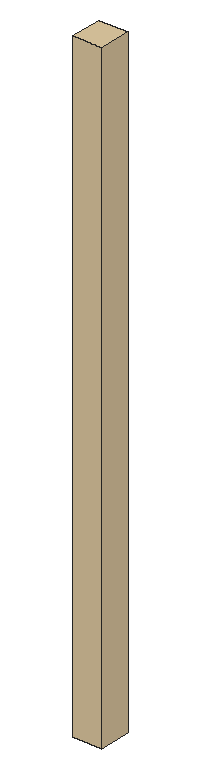
Revit family
Parameters (values of type "5x5.5")
  Column Material [instance] = Wood - Dimensional Lumber
  A = 27.36 in²
  Assembly Code = "B10"
  Ix = 69.32
  Iy = 57.29
  Laminations = "4"
  Sx = 25.21
  Sy = 22.92
  b = 0' - 5"
  d = 0' - 5 1/2"
Types (2): name | A | Ix | Iy | Sx | Sy | b
  5x5.5 | 27.36 in² | 69.32 | 57.29 | 25.21 | 22.92 | 0' - 5"
  3x5.5 | 15.84 in² | 41.59 | 12.38 | 15.13 | 8.25 | 0' - 3"
Reference planes (in)
  plane 1 "Center (Front/Back)": y = 0
  plane 2: z = 0
  plane 3 "Center (Left/Right)": x = 0
  plane 4: x = -2.5
  plane 5: x = 2.5
  plane 6: y = 2.75
  plane 7: y = -2.75
Forms (in)
  Extrusion 1, solid, material "Wood - Dimensional Lumber" <- "Column Material", detail levels medium+fine
    sketch origin (0, 0, 0) x (1, 0, 0) y (0, 1, 0)
      loop
        line (-2.5, 2.75) -> (-2.5, -2.75) -> (2.5, -2.75) -> (2.5, 2.75) -> (-2.5, 2.75)
    from 0 to 108
Lines and regions (in)
  symbolic lines, style "StructuralColumnStickSymbols", detail levels coarse
    curve 1: line (-2.5, 2.75, 0) -> (2.5, 2.75, 0)
    curve 2: line (-2.5, -2.75, 0) -> (2.5, -2.75, 0)
    curve 3: line (-2.5, 2.75, 0) -> (-2.5, -2.75, 0)
    curve 4: line (2.5, 2.75, 0) -> (2.5, -2.75, 0)
Dimensions and locks (in)
  equal spacing: plane 4, plane 3 "Center (Left/Right)", plane 5
  equal spacing: plane 7, plane 1 "Center (Front/Back)", plane 6
  "d": plane 7 to plane 6
  "b": plane 4 to plane 5
  aligned and locked: plane 6 to Extrusion 1 sketch curve
  aligned and locked: Extrusion 1 sketch curve to plane 7
  aligned and locked: Extrusion 1 sketch curve to plane 4
  aligned and locked: plane 5 to Extrusion 1 sketch curve
  aligned and locked: level to Extrusion 1
  aligned and locked: level to plane 2
  aligned and locked: Extrusion 1 to plane 2
Automatic sketch dimensions
  curve 3 to plane 4 = 0' - 0"
  curve 4 to plane 5 = 0' - 0"
  curve 3 to plane 7 = 0' - 0"
  curve 3 to plane 6 = 0' - 0"
